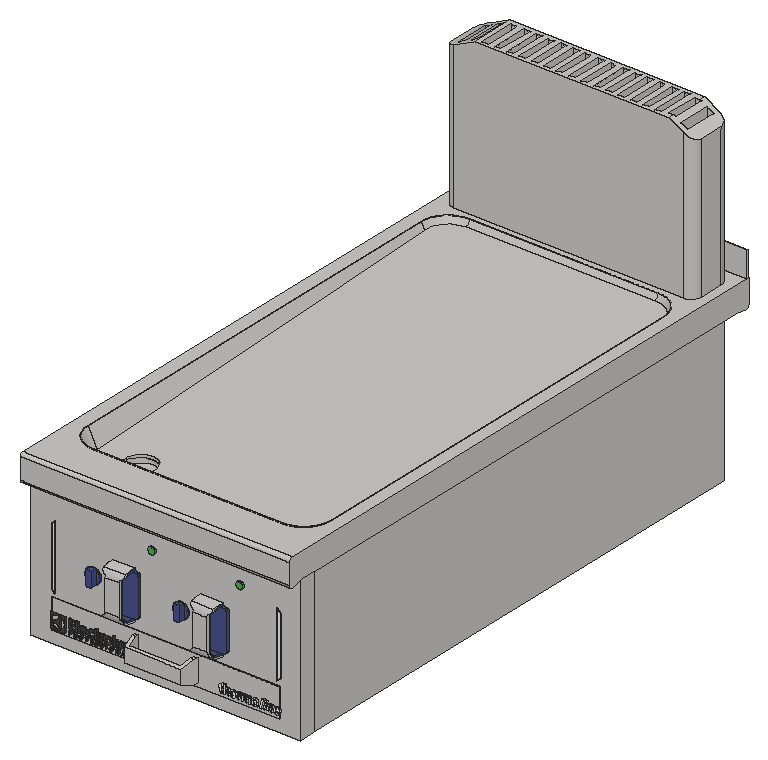
Revit family "QF_ELECTROLUXPROFESSIONAL_593107_MBHMBBDOVO", category Specialty Equipment, Revit 2014 (continued)
Definition of nested family "Front_Panel_W400_Two Knobs_2Spie_Manop"
  Definition of nested family "ELX_Professional_Logo_Small"
    Forms (mm)
      Extrusion 2, solid, material "QF_Finishes_Black" <- "Material_Logo"
        sketch origin (15.5, 0, 0) x (1, 0, 0) y (0, 1, 0)
          loop
            spline (-24.114, -0.509) -> (-24.311, -0.699) -> (-24.509, -0.872) -> (-24.71, -1.03) -> (-24.915, -1.172) -> (-25.126, -1.297) -> (-25.346, -1.407) -> (-25.576, -1.5) -> (-25.817, -1.576) -> (-26.072, -1.636) -> (-26.342, -1.678) -> (-26.629, -1.704) -> (-26.936, -1.713)
            spline (-26.936, -1.713) -> (-27.384, -1.691) -> (-27.805, -1.625) -> (-28.196, -1.518) -> (-28.556, -1.372) -> (-28.882, -1.187) -> (-29.174, -0.966) -> (-29.429, -0.71) -> (-29.645, -0.422) -> (-29.821, -0.102) -> (-29.955, 0.247) -> (-30.045, 0.623) -> (-30.089, 1.026)
            line (-30.089, 1.026) -> (-21.956, 1.026) -> (-21.915, 1.897)
          loop
            spline (-24.446, 2.769) -> (-24.47, 3.075) -> (-24.54, 3.37) -> (-24.654, 3.65) -> (-24.807, 3.913) -> (-24.996, 4.156) -> (-25.219, 4.376) -> (-25.472, 4.57) -> (-25.753, 4.736) -> (-26.057, 4.869) -> (-26.382, 4.968) -> (-26.724, 5.03) -> (-27.081, 5.051)
            spline (-27.081, 5.051) -> (-27.464, 5.03) -> (-27.832, 4.97) -> (-28.183, 4.872) -> (-28.513, 4.74) -> (-28.819, 4.577) -> (-29.099, 4.384) -> (-29.347, 4.165) -> (-29.563, 3.923) -> (-29.742, 3.659) -> (-29.881, 3.377) -> (-29.977, 3.079) -> (-30.027, 2.769)
            line (-30.027, 2.769) -> (-24.446, 2.769)
          loop
            spline (-18.167, 1.669) -> (-18.138, 2.13) -> (-18.055, 2.567) -> (-17.921, 2.978) -> (-17.739, 3.358) -> (-17.512, 3.705) -> (-17.243, 4.016) -> (-16.937, 4.287) -> (-16.596, 4.517) -> (-16.223, 4.7) -> (-15.823, 4.835) -> (-15.398, 4.919) -> (-14.951, 4.947)
            spline (-14.951, 4.947) -> (-14.677, 4.938) -> (-14.414, 4.913) -> (-14.162, 4.871) -> (-13.921, 4.812) -> (-13.69, 4.738) -> (-13.467, 4.649) -> (-13.254, 4.544) -> (-13.048, 4.424) -> (-12.85, 4.291) -> (-12.659, 4.143) -> (-12.474, 3.981) -> (-12.295, 3.806)
            line (-12.295, 3.806) -> (-10.76, 5.403)
            spline (-10.76, 5.403) -> (-11.065, 5.709) -> (-11.38, 5.984) -> (-11.703, 6.228) -> (-12.035, 6.443) -> (-12.375, 6.63) -> (-12.723, 6.788) -> (-13.078, 6.92) -> (-13.44, 7.026) -> (-13.809, 7.107) -> (-14.184, 7.164) -> (-14.564, 7.198) -> (-14.951, 7.209)
            spline (-14.951, 7.209) -> (-15.725, 7.161) -> (-16.467, 7.02) -> (-17.169, 6.792) -> (-17.826, 6.482) -> (-18.43, 6.096) -> (-18.976, 5.637) -> (-19.455, 5.112) -> (-19.862, 4.525) -> (-20.19, 3.882) -> (-20.433, 3.189) -> (-20.584, 2.449) -> (-20.635, 1.669)
            spline (-20.635, 1.669) -> (-20.584, 0.889) -> (-20.433, 0.149) -> (-20.19, -0.545) -> (-19.862, -1.187) -> (-19.455, -1.774) -> (-18.976, -2.299) -> (-18.43, -2.758) -> (-17.826, -3.145) -> (-17.169, -3.454) -> (-16.467, -3.682) -> (-15.725, -3.823) -> (-14.951, -3.871)
            spline (-14.951, -3.871) -> (-14.564, -3.86) -> (-14.184, -3.826) -> (-13.809, -3.77) -> (-13.44, -3.689) -> (-13.078, -3.583) -> (-12.723, -3.451) -> (-12.375, -3.292) -> (-12.035, -3.105) -> (-11.703, -2.89) -> (-11.38, -2.646) -> (-11.065, -2.371) -> (-10.76, -2.066)
            line (-10.76, -2.066) -> (-12.295, -0.468)
            spline (-12.295, -0.468) -> (-12.474, -0.643) -> (-12.659, -0.805) -> (-12.85, -0.953) -> (-13.048, -1.087) -> (-13.254, -1.206) -> (-13.467, -1.311) -> (-13.69, -1.4) -> (-13.921, -1.475) -> (-14.162, -1.533) -> (-14.414, -1.575) -> (-14.677, -1.6) -> (-14.951, -1.609)
            spline (-14.951, -1.609) -> (-15.398, -1.581) -> (-15.823, -1.497) -> (-16.223, -1.362) -> (-16.596, -1.179) -> (-16.937, -0.95) -> (-17.243, -0.678) -> (-17.512, -0.367) -> (-17.739, -0.02) -> (-17.921, 0.36) -> (-18.055, 0.771) -> (-18.138, 1.208) -> (-18.167, 1.669)
          loop
            spline (-4.441, -1.243) -> (-4.659, -1.247) -> (-4.894, -1.23) -> (-5.137, -1.19) -> (-5.384, -1.121) -> (-5.628, -1.021) -> (-5.864, -0.884) -> (-6.084, -0.708) -> (-6.283, -0.488) -> (-6.454, -0.219) -> (-6.592, 0.101) -> (-6.69, 0.478) -> (-6.742, 0.914)
            line (-6.742, 0.914) -> (-6.742, 4.587) -> (-4.487, 4.587) -> (-4.487, 6.838) -> (-6.738, 6.838) -> (-6.738, 10.824) -> (-9.217, 10.824) -> (-9.217, 0.773)
            spline (-9.217, 0.773) -> (-9.164, 0.19) -> (-9.068, -0.358) -> (-8.928, -0.87) -> (-8.742, -1.343) -> (-8.511, -1.777) -> (-8.232, -2.168) -> (-7.904, -2.515) -> (-7.527, -2.816) -> (-7.098, -3.069) -> (-6.618, -3.273) -> (-6.084, -3.426) -> (-5.496, -3.525)
            line (-5.496, -3.525) -> (-4.45, -3.573) -> (-4.441, -1.243)
          loop
            spline (3.898, 6.983) -> (3.469, 7.009) -> (3.056, 7.001) -> (2.661, 6.961) -> (2.283, 6.888) -> (1.925, 6.785) -> (1.588, 6.652) -> (1.272, 6.49) -> (0.979, 6.301) -> (0.71, 6.085) -> (0.465, 5.844) -> (0.247, 5.578) -> (0.056, 5.289)
            line (0.056, 5.289) -> (0.056, 6.838) -> (-2.402, 6.838) -> (-2.402, -3.572) -> (0.056, -3.572) -> (0.056, 1.901)
            spline (0.056, 1.901) -> (0.079, 2.316) -> (0.145, 2.703) -> (0.254, 3.06) -> (0.404, 3.386) -> (0.592, 3.679) -> (0.818, 3.938) -> (1.08, 4.162) -> (1.375, 4.348) -> (1.703, 4.495) -> (2.062, 4.602) -> (2.45, 4.668) -> (2.865, 4.69)
            line (2.865, 4.69) -> (3.898, 4.586) -> (3.898, 6.983)
          loop
            spline (15.638, 1.633) -> (15.586, 2.396) -> (15.435, 3.124) -> (15.192, 3.81) -> (14.863, 4.449) -> (14.455, 5.034) -> (13.975, 5.56) -> (13.43, 6.021) -> (12.826, 6.411) -> (12.17, 6.724) -> (11.469, 6.955) -> (10.729, 7.098) -> (9.958, 7.147)
            spline (9.958, 7.147) -> (9.182, 7.098) -> (8.44, 6.955) -> (7.737, 6.724) -> (7.081, 6.411) -> (6.477, 6.021) -> (5.933, 5.56) -> (5.454, 5.034) -> (5.048, 4.449) -> (4.721, 3.81) -> (4.479, 3.124) -> (4.329, 2.396) -> (4.277, 1.633)
            spline (4.277, 1.633) -> (4.329, 0.869) -> (4.479, 0.141) -> (4.721, -0.544) -> (5.048, -1.183) -> (5.454, -1.768) -> (5.933, -2.294) -> (6.477, -2.755) -> (7.081, -3.145) -> (7.737, -3.459) -> (8.44, -3.69) -> (9.182, -3.833) -> (9.958, -3.882)
            spline (9.958, -3.882) -> (10.729, -3.833) -> (11.469, -3.69) -> (12.17, -3.459) -> (12.826, -3.145) -> (13.43, -2.755) -> (13.975, -2.294) -> (14.455, -1.768) -> (14.863, -1.183) -> (15.192, -0.544) -> (15.435, 0.141) -> (15.586, 0.869) -> (15.638, 1.633)
          loop
            spline (13.18, 1.633) -> (13.151, 2.083) -> (13.067, 2.513) -> (12.932, 2.918) -> (12.748, 3.296) -> (12.52, 3.642) -> (12.251, 3.954) -> (11.943, 4.227) -> (11.601, 4.459) -> (11.228, 4.645) -> (10.828, 4.782) -> (10.403, 4.867) -> (9.958, 4.896)
            spline (9.958, 4.896) -> (9.509, 4.867) -> (9.081, 4.782) -> (8.679, 4.645) -> (8.306, 4.459) -> (7.964, 4.227) -> (7.658, 3.954) -> (7.39, 3.642) -> (7.163, 3.296) -> (6.981, 2.918) -> (6.847, 2.513) -> (6.765, 2.083) -> (6.736, 1.633)
            spline (6.736, 1.633) -> (6.765, 1.182) -> (6.847, 0.753) -> (6.981, 0.347) -> (7.163, -0.031) -> (7.39, -0.377) -> (7.658, -0.689) -> (7.964, -0.962) -> (8.306, -1.193) -> (8.679, -1.38) -> (9.081, -1.517) -> (9.509, -1.602) -> (9.958, -1.631)
            spline (9.958, -1.631) -> (10.403, -1.602) -> (10.828, -1.517) -> (11.228, -1.38) -> (11.601, -1.193) -> (11.943, -0.962) -> (12.251, -0.689) -> (12.52, -0.377) -> (12.748, -0.031) -> (12.932, 0.347) -> (13.067, 0.753) -> (13.151, 1.182) -> (13.18, 1.633)
          loop
            line (17.162, 4.269) -> (17.162, -3.573) -> (19.642, -3.573) -> (19.642, 10.824) -> (17.162, 10.824) -> (17.162, 4.269)
          loop
            line (28.581, 6.838) -> (28.581, 0.786)
            spline (28.581, 0.786) -> (28.561, 0.393) -> (28.503, 0.038) -> (28.409, -0.279) -> (28.281, -0.559) -> (28.122, -0.802) -> (27.933, -1.011) -> (27.717, -1.185) -> (27.476, -1.325) -> (27.213, -1.433) -> (26.929, -1.509) -> (26.626, -1.554) -> (26.308, -1.569)
            spline (26.308, -1.569) -> (25.99, -1.554) -> (25.688, -1.509) -> (25.404, -1.434) -> (25.141, -1.326) -> (24.9, -1.187) -> (24.684, -1.014) -> (24.496, -0.807) -> (24.336, -0.565) -> (24.209, -0.288) -> (24.115, 0.026) -> (24.057, 0.376) -> (24.037, 0.765)
            line (24.037, 0.765) -> (24.037, 6.838) -> (21.537, 6.838) -> (21.537, 0.558)
            spline (21.537, 0.558) -> (21.581, -0.153) -> (21.71, -0.8) -> (21.916, -1.384) -> (22.195, -1.904) -> (22.54, -2.362) -> (22.944, -2.757) -> (23.403, -3.09) -> (23.909, -3.362) -> (24.456, -3.572) -> (25.04, -3.722) -> (25.652, -3.811) -> (26.288, -3.841)
            spline (26.288, -3.841) -> (26.929, -3.811) -> (27.547, -3.72) -> (28.135, -3.568) -> (28.687, -3.355) -> (29.197, -3.079) -> (29.66, -2.741) -> (30.068, -2.341) -> (30.415, -1.877) -> (30.696, -1.349) -> (30.905, -0.757) -> (31.034, -0.101) -> (31.079, 0.621)
            line (31.079, 0.621) -> (31.079, 6.838) -> (28.581, 6.838)
          loop
            line (40.457, -0.243) -> (38.894, 1.942) -> (40.83, 4.579) -> (42.488, 6.837) -> (39.782, 6.837) -> (37.53, 3.719) -> (35.258, 6.837) -> (32.573, 6.837) -> (34.113, 4.731) -> (36.167, 1.922) -> (34.014, -1.076) -> (32.222, -3.573) -> (34.887, -3.573) -> (37.53, 0.104) -> (40.174, -3.573) -> (42.839, -3.573) -> (40.457, -0.243)
          loop
            line (-46.121, -5.837) -> (-48.039, -5.837) -> (-48.039, -10.814) -> (-47.016, -10.814) -> (-47.016, -9.128) -> (-46.121, -9.128)
            arc (-46.121, -9.128) -> (-44.476, -7.482) -> (-46.121, -5.837) r 1.645
          loop
            line (-46.163, -6.778) -> (-47.016, -6.778) -> (-47.016, -8.187) -> (-46.163, -8.187)
            arc (-46.163, -8.187) -> (-45.458, -7.482) -> (-46.163, -6.778) r 0.704
          loop
            line (-38.313, -5.837) -> (-40.265, -5.837) -> (-40.265, -10.814) -> (-39.241, -10.814) -> (-39.241, -9.1) -> (-38.46, -9.182) -> (-37.48, -10.814) -> (-36.318, -10.814) -> (-37.513, -8.848)
            arc (-37.513, -8.848) -> (-36.888, -8.266) -> (-36.671, -7.441) r 1.536
            arc (-36.671, -7.441) -> (-37.165, -6.305) -> (-38.313, -5.837) r 1.643
          loop
            arc (-38.402, -8.166) -> (-37.707, -7.505) -> (-38.334, -6.778) r 0.696
            line (-38.334, -6.778) -> (-39.241, -6.778) -> (-39.241, -8.166) -> (-38.402, -8.166)
          loop
            circle (-29.965, -8.325) r 2.585
          loop
            circle (-29.965, -8.325) r 1.64
          loop
            line (-23.1, -5.837) -> (-23.1, -10.814) -> (-22.076, -10.814) -> (-22.076, -8.768) -> (-20.204, -8.768) -> (-20.204, -7.828) -> (-22.076, -7.828) -> (-22.076, -6.778) -> (-20.024, -6.778) -> (-20.024, -5.837) -> (-23.1, -5.837)
          loop
            line (-15.802, -5.837) -> (-15.802, -9.2)
            arc (-15.802, -9.2) -> (-15.343, -10.34) -> (-14.209, -10.814) r 1.593
            line (-14.209, -10.814) -> (-12.602, -10.814) -> (-12.602, -10.027) -> (-14.004, -10.027)
            arc (-14.004, -10.027) -> (-14.552, -9.8) -> (-14.779, -9.252) r 0.775
            line (-14.779, -9.252) -> (-14.779, -8.424) -> (-12.789, -8.424) -> (-12.789, -7.642) -> (-14.779, -7.642) -> (-14.779, -6.778) -> (-12.651, -6.778) -> (-12.651, -5.837) -> (-15.802, -5.837)
          loop
            line (-5.909, -7.143) -> (-5.173, -6.638)
            arc (-5.173, -6.638) -> (-5.855, -5.974) -> (-6.781, -5.755) r 1.782
            arc (-6.781, -5.755) -> (-7.397, -5.878) -> (-7.944, -6.189) r 1.974
            arc (-7.944, -6.189) -> (-8.202, -6.5) -> (-8.317, -6.888) r 1.013
            arc (-8.317, -6.888) -> (-8.306, -7.341) -> (-8.192, -7.78) r 1.985
            arc (-8.192, -7.78) -> (-7.749, -8.259) -> (-7.171, -8.563) r 1.928
            arc (-7.171, -8.563) -> (-6.637, -8.779) -> (-6.131, -9.056) r 5.041
            arc (-6.131, -9.056) -> (-5.934, -9.387) -> (-6.09, -9.74) r 0.42
            arc (-6.09, -9.74) -> (-6.631, -9.96) -> (-7.204, -9.845) r 1.016
            arc (-7.204, -9.845) -> (-7.625, -9.603) -> (-7.889, -9.196) r 1.033
            line (-7.889, -9.196) -> (-8.67, -9.686)
            arc (-8.67, -9.686) -> (-8.361, -10.198) -> (-7.908, -10.589) r 1.914
            arc (-7.908, -10.589) -> (-7.334, -10.834) -> (-6.714, -10.896) r 2.063
            arc (-6.714, -10.896) -> (-5.947, -10.743) -> (-5.256, -10.376) r 2.696
            arc (-5.256, -10.376) -> (-4.95, -9.565) -> (-5.108, -8.712) r 1.618
            arc (-5.108, -8.712) -> (-5.448, -8.319) -> (-5.884, -8.035) r 1.876
            arc (-5.884, -8.035) -> (-6.434, -7.789) -> (-6.999, -7.577) r 9.883
            arc (-6.999, -7.577) -> (-7.325, -7.07) -> (-6.854, -6.694) r 0.45
            arc (-6.854, -6.694) -> (-6.329, -6.809) -> (-5.909, -7.143) r 1.197
          loop
            line (1.61, -7.143) -> (2.345, -6.638)
            arc (2.345, -6.638) -> (1.663, -5.974) -> (0.737, -5.755) r 1.782
            arc (0.737, -5.755) -> (0.121, -5.878) -> (-0.425, -6.189) r 1.974
            arc (-0.425, -6.189) -> (-0.683, -6.5) -> (-0.799, -6.888) r 1.013
            arc (-0.799, -6.888) -> (-0.788, -7.341) -> (-0.674, -7.78) r 1.985
            arc (-0.674, -7.78) -> (-0.231, -8.259) -> (0.347, -8.563) r 1.928
            arc (0.347, -8.563) -> (0.881, -8.779) -> (1.387, -9.056) r 5.041
            arc (1.387, -9.056) -> (1.584, -9.387) -> (1.428, -9.74) r 0.42
            arc (1.428, -9.74) -> (0.887, -9.96) -> (0.314, -9.845) r 1.016
            arc (0.314, -9.845) -> (-0.107, -9.603) -> (-0.371, -9.196) r 1.033
            line (-0.371, -9.196) -> (-1.152, -9.686)
            arc (-1.152, -9.686) -> (-0.842, -10.198) -> (-0.39, -10.589) r 1.914
            arc (-0.39, -10.589) -> (0.184, -10.834) -> (0.804, -10.896) r 2.063
            arc (0.804, -10.896) -> (1.572, -10.743) -> (2.263, -10.376) r 2.696
            arc (2.263, -10.376) -> (2.568, -9.565) -> (2.411, -8.712) r 1.618
            arc (2.411, -8.712) -> (2.07, -8.319) -> (1.635, -8.035) r 1.876
            arc (1.635, -8.035) -> (1.084, -7.789) -> (0.519, -7.577) r 9.883
            arc (0.519, -7.577) -> (0.193, -7.07) -> (0.665, -6.694) r 0.45
            arc (0.665, -6.694) -> (1.189, -6.809) -> (1.61, -7.143) r 1.197
          loop
            line (6.801, -5.837) -> (6.801, -10.814) -> (7.825, -10.814) -> (7.825, -5.837) -> (6.801, -5.837)
          loop
            circle (14.724, -8.325) r 1.548
          loop
            circle (14.724, -8.325) r 2.585
          loop
            line (21.59, -10.814) -> (22.623, -10.814) -> (22.623, -7.685) -> (24.9, -10.814) -> (25.895, -10.814) -> (25.895, -5.837) -> (24.861, -5.837) -> (24.861, -9.061) -> (22.585, -5.837) -> (21.59, -5.837) -> (21.59, -10.814)
          loop
            line (31.054, -10.814) -> (31.539, -9.74) -> (33.38, -9.74) -> (33.865, -10.814) -> (34.965, -10.814) -> (32.46, -5.837) -> (29.956, -10.814) -> (31.054, -10.814)
          loop
            line (32.46, -7.698) -> (31.999, -8.719) -> (32.921, -8.719) -> (32.46, -7.698)
          loop
            line (40.047, -9.873) -> (40.047, -5.837) -> (39.024, -5.837) -> (39.024, -10.814) -> (41.961, -10.814) -> (41.961, -9.873) -> (40.047, -9.873)
          loop
            line (-74.986, -10.814) -> (-53.322, -10.814) -> (-53.322, 10.82) -> (-74.986, 10.82) -> (-74.986, -10.814)
          loop
            line (-61.261, 9.758) -> (-61.261, -9.707)
            arc (-61.261, -9.707) -> (-54.066, 0.025) -> (-61.261, 9.758) r 10.18
          loop
            line (-62.251, 8.349) -> (-62.251, 9.758)
            arc (-62.251, 9.758) -> (-70.347, 7.918) -> (-74.247, 0.59) r 9.976
            line (-74.247, 0.59) -> (-71.026, 0.59)
            arc (-71.026, 0.59) -> (-65.274, 2.925) -> (-62.251, 8.349) r 9.351
          loop
            arc (-74.247, -0.539) -> (-70.353, -7.928) -> (-62.251, -9.957) r 10.237
            line (-62.251, -9.957) -> (-62.251, -8.298)
            arc (-62.251, -8.298) -> (-65.274, -2.874) -> (-71.026, -0.539) r 9.351
            line (-71.026, -0.539) -> (-74.247, -0.539)
        from 0 to 1.644
    Dimensions and locks
      aligned and locked: plane 2 to Extrusion 1
      aligned and locked: level to Extrusion 1
